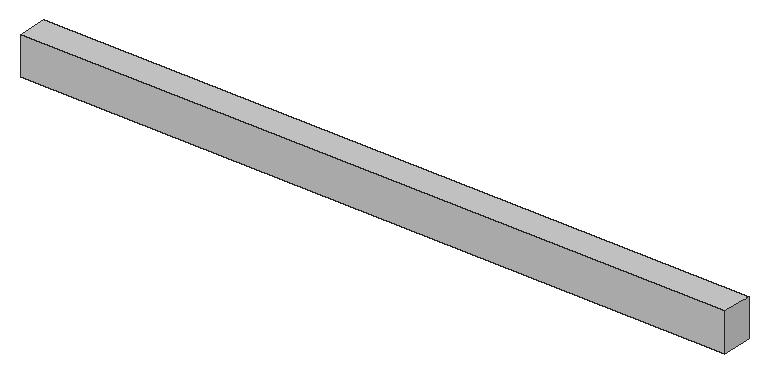
Revit family "Lum_Teto_Tubular_1_Embutido", category Lighting Fixtures, host Ceiling, Revit 2025
Family settings
  Host = Ceiling
  Round Connector Dimension = Use Diameter
  Part Type = Normal
  OmniClass Number = 23.80.70.11
  OmniClass Title = Luminaries for Internal Lighting
  Always vertical = Yes
  Cut with Voids When Loaded = No
  Light Source = Yes
  Maintain Annotation Orientation = No
  Shared = No
  Room Calculation Point = No
Parameters (values of type "Luminária_Tubular_Embutida_1_Lâmpada")
  Wattage = 9.2903 W
  built-in parameter 1150110 = 1 (stored number, unit not read)
  built-in parameter 1114217 = 1 (stored number, unit not read)
  built-in parameter 1150109 = 1 (stored number, unit not read)
  Lumi_Material = CT_Luminaria
  Lumi_Largura_Interna = Lumi_Largura * 0.95  # 47.5 mm
  Lumi_Largura = 50 mm
  Lumi_Comprimento = 1200 mm
  Lumi_Altura_Resalto = 5 mm
  Lumi_Altura_Embutida = 60 mm
  Emit from Line Length = Lumi_Comprimento - 100 mm  # 1100 mm
  Default Elevation = 0 mm
  built-in parameter 1150134 = (empty or 0)
  built-in parameter 1150113 = 1 (stored number, unit not read)
  Lumens = 1380 lm
  built-in parameter 1150115 = 1 (stored number, unit not read)
  built-in parameter 1150105 = 439.27 (stored number, unit not read)
  Light Source Symbol Size = 30 mm
  built-in parameter 1150137 = (empty or 0)
  built-in parameter 1150139 = (empty or 0)
  built-in parameter 1150112 = 1 (stored number, unit not read)
  built-in parameter 1150114 = 1 (stored number, unit not read)
  built-in parameter 1150132 = 2
  built-in parameter 1150102 = (empty or 0)
  built-in parameter 1150138 = (empty or 0)
  built-in parameter 1150107 = 3000 (stored number, unit not read)
  built-in parameter 1150106 = 4.3927 (stored number, unit not read)
  built-in parameter 1150104 = 13.8 (stored number, unit not read)
  Dimming Lamp Color Temperature Shift = <None>
  Color Filter = 16777215
  built-in parameter 1114218 = 1 (stored number, unit not read)
  built-in parameter 1150133 = 10 (stored number, unit not read)
Reference planes
  plane 1 "Eixo de origem da luz (F/T)": y = 0
  plane 2: z = 0
  plane 3 "Eixo de origem da luz (E/D)": x = 0
  plane 4 "Forro": z = 4000
  plane 5 "Elevação da origem da luz": z = 3995
  plane 6 "Tubo_E": x = -550
  plane 7 "Tubo_D": x = 550
  plane 8: z = 4060
Forms (mm)
  Extrusion 1, solid, material "CT_Luminaria" <- "Lumi_Material"
    sketch origin (0, 0, 4000) x (0, 1, 0) y (-1, 0, 0)
      loop
        line (25, 600) -> (-25, 600) -> (-25, -600) -> (25, -600) -> (25, 600)
    from 60 to -5
  Extrusion 2, void
    sketch origin (550, 0, 0) x (0, 1, 0) y (0, 0, 1)
      loop
        line (-23.75, 3995) -> (23.75, 3995) -> (23.75, 4011.133)
        arc (23.75, 4011.133) -> (-0.004, 4014.516) -> (-23.75, 4011.072) r 84.339
        line (-23.75, 4011.072) -> (-23.75, 3995)
    from 0 to -1100
Lines and regions (mm)
  Opening 1
    outline origin (0, 0, 4000) x (1, 0, 0) y (0, 1, 0)
      loop
        line (-600, 25) -> (-600, -25) -> (600, -25) -> (600, 25) -> (-600, 25)
Dimensions and locks
  equal spacing: host sketch curve, plane 3 "Eixo de origem da luz (E/D)", host sketch curve
  equal spacing: host sketch curve, plane 1 "Eixo de origem da luz (F/T)", host sketch curve
  host sketch curve to host sketch curve = 4000 mm  (x2)
  plane 4 "Forro" to host ceiling = 0 mm
  equal spacing: Extrusion 1 sketch curve, plane 3 "Eixo de origem da luz (E/D)", Extrusion 1 sketch curve
  equal spacing: Extrusion 1 sketch curve, plane 1 "Eixo de origem da luz (F/T)", Extrusion 1 sketch curve
  "Lumi_Largura": Extrusion 1 sketch curve to Extrusion 1 sketch curve
  "Lumi_Comprimento": Extrusion 1 sketch curve to Extrusion 1 sketch curve
  equal spacing: imposter light, plane 3 "Eixo de origem da luz (E/D)", imposter light
  equal spacing: imposter light, plane 1 "Eixo de origem da luz (F/T)", imposter light
  "Lumi_Altura_Resalto": plane 5 "Elevação da origem da luz" to plane 4 "Forro"
  equal spacing: plane 6 "Tubo_E", plane 3 "Eixo de origem da luz (E/D)", plane 7 "Tubo_D"
  "Emit from Line Length": imposter light to imposter light
  imposter light to imposter light = 30 mm
  equal spacing: Extrusion 2 sketch curve, plane 1 "Eixo de origem da luz (F/T)", Extrusion 2 sketch curve
  "Lumi_Altura_Embutida": plane 8 to plane 4 "Forro"
  "Lumi_Largura": Extrusion 1 to Extrusion 1
  aligned and locked: plane 3 "Eixo de origem da luz (E/D)" to imposter light
  aligned and locked: plane 1 "Eixo de origem da luz (F/T)" to imposter light
  aligned and locked: plane 5 "Elevação da origem da luz" to imposter light
  aligned and locked: Extrusion 2 to imposter light
  aligned and locked: plane 5 "Elevação da origem da luz" to Extrusion 1
  aligned and locked: imposter light to plane 5 "Elevação da origem da luz"
  aligned and locked: plane 8 to Extrusion 1
  aligned and locked: Opening 1 sketch curve to Extrusion 1  (x4)
Automatic sketch dimensions
  plane 5 "Elevação da origem da luz" to Extrusion 2 sketch curve = 0 mm
  Extrusion 2 sketch curve to plane 1 "Eixo de origem da luz (F/T)" = 0.104 mm
  plane 5 "Elevação da origem da luz" to Extrusion 2 sketch curve = 64.822 mm
  plane 1 "Eixo de origem da luz (F/T)" to Extrusion 2 sketch curve = 23.75 mm
  Extrusion 2 sketch curve to plane 5 "Elevação da origem da luz" = 16.072 mm
